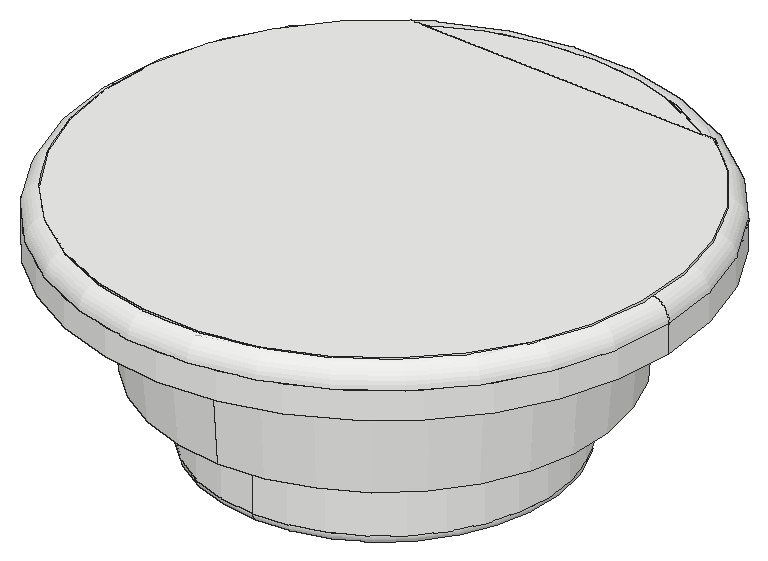
Revit family "Electronics_Commercial-Loudspeakers_Two-Way-Marine-Speaker_CMAR6-W", category Communication Devices, host Face, Revit 2020
Family settings
  Host = Face
  Maintain Annotation Orientation = No
  Round Connector Dimension = Use Diameter
  Part Type = Normal
  OmniClass Number = 23.85.10.11.14.14.14
  OmniClass Title = Loudspeakers
  Cut with Voids When Loaded = No
  Shared = No
  Room Calculation Point = No
Parameters (values of type "CMAR6-W")
  Grill Material = Biamp - Plastic - White(Grid)
  Frequency response in Hz = "78 - 20K"  # constant formula
  Woofer size in inch = "6.5"  # constant formula
  Vertical dispersion angle 1000 Hz = "180°"  # constant formula
  Tweeter size in inch = "1 inch"  # constant formula
  SPL 1W/1m in dB = "89"  # constant formula
  Max SPL 1m in dB = "104"  # constant formula
  Woofer cone material = "Polypropylene"  # constant formula
  Weight = 2.20462 lbf  # constant formula
  URL = "https://www.biamp.com/"
  Product data url = "https://bimobject.com/biamp/product/cmar6-w_commercial-loudspeakers-ceiling"
  Product Page URL = "https://www.biamp.com/products/product-families/commercial-loudspeakers/ceiling-loudspeakers#cmar6-w"
  Product Documentation Link = "https://downloads.biamp.com/assets/docs/default-source/data-sheets/biamp_data_sheet_cmar6-w_aug20.pdf"
  Mounting system = "4 screws"  # constant formula
  Model = "CMAR6-W"  # constant formula
  Manufacturer = "Biamp"  # constant formula
  Main construction material = "ABS plastic"  # constant formula
  Low impedance dynamic power in watts = "60"  # constant formula
  Low impedance RMS power in watts = "30"  # constant formula
  Loudspeaker system = "2-way"  # constant formula
  Installation grip range in mm = "1 - up"  # constant formula
  Impedance in ohms = "8"  # constant formula
  IP rating = "65"  # constant formula
  Housing Material = Biamp - Plastic - White
  Grille main material = "Stainless steel"  # constant formula
  Diameter = 0' - 7.48031"  # constant formula
  Description = "CMAR6-W 6 Two-Way Built-in Marine Speaker 8 ohms/60W"  # constant formula
  Depth = 0' - 2.40157"  # constant formula
  Default Elevation = 4' - 0"
  Cutout in mm = "151"  # constant formula
  Connector Description = "Terminal strip; Low impedance 8 ohms/60W"  # constant formula
  Colour = "White"  # constant formula
  Closest RAL colour (subject to deviations) = "RAL9003"  # constant formula
  Applicable low impedance = "Yes"  # constant formula
Reference planes (in)
  plane 1 "Center (Front/Back)": y = 0
  plane 2: z = 0
  plane 3 "Center (Left/Right)": x = 0
Forms (in)
  Extrusion 1, solid, material "Biamp - Plastic - White" <- "Housing Material", detail levels coarse
    sketch origin (0, 0, 0) x (1, 0, 0) y (0, 1, 0)
      loop
        circle (0, 0) r 2.85433
    from -2.3622 to 0
  Extrusion 2, void
    sketch origin (0, 0, 0) x (1, 0, 0) y (0, 1, 0)
      loop
        circle (0, 0) r 2.85433
    from -2.3622 to 0
  Revolve 3, solid, material "Biamp - Plastic - White" <- "Housing Material", detail levels coarse
    sketch origin (0, 0, 0) x (1, 0, 0) y (0, 0, 1)
      loop
        line (0, 0) -> (0, 0.62992) -> (-3.45857, 0.62992)
        arc (-3.45857, 0.62992) -> (-3.65768, 0.54745) -> (-3.74016, 0.34834) r 0.28159
        line (-3.74016, 0.34834) -> (-3.74016, 0) -> (0, 0)
      axis (0, 0) -> (0, 0.62992)
    angle from 0 to 360
  Revolve 4, solid, material "Biamp - Plastic - White" <- "Housing Material", detail levels medium+fine
    sketch origin (0, 0, 0) x (1, 0, 0) y (0, 0, 1)
      loop
        line (0, 0) -> (0, 0.62992) -> (-3.45857, 0.62992)
        arc (-3.45857, 0.62992) -> (-3.65768, 0.54745) -> (-3.74016, 0.34834) r 0.28159
        line (-3.74016, 0.34834) -> (-3.74016, 0) -> (0, 0)
      axis (0, 0) -> (0, 0.62992)
    angle from 0 to 360
  Extrusion 5, void
    sketch origin (0, 0, 0) x (1, 0, 0) y (0, 1, 0)
      loop
        arc (-1.99504, 2.92828) -> (0, -3.54331) -> (1.99504, 2.92828) r 3.54331
        line (1.99504, 2.92828) -> (-1.99504, 2.92828)
    from 0.56493 to 0.62992
  Extrusion 6, solid, material "Biamp - Plastic - White(Grid)" <- "Grill Material", detail levels medium+fine
    sketch origin (0, 0, 0) x (1, 0, 0) y (0, 1, 0)
      loop
        line (1.99504, 2.92828) -> (-1.99504, 2.92828)
        arc (-1.99504, 2.92828) -> (0, -3.54331) -> (1.99504, 2.92828) r 3.54331
    from 0.56493 to 0.62992
  Revolve 7, solid, material "Biamp - Plastic - White" <- "Housing Material", detail levels medium+fine
    sketch origin (0, 0, 0) x (0, 1, 0) y (0, 0, 1)
      loop
        line (0, 0) -> (-2.85433, 0) -> (-2.73072, -1.41283) -> (-2.16084, -1.41283) -> (-2.16084, -2.24792)
        arc (-2.16084, -2.24792) -> (-2.12737, -2.32873) -> (-2.04656, -2.3622) r 0.11428
        line (-2.04656, -2.3622) -> (0, -2.3622) -> (0, 0)
      axis (0, 0) -> (0, -2.3622)
    angle from 0 to 360
  Extrusion 8, void
    sketch origin (0, 0.24606, 0) x (1, 0, 0) y (0, 1, 0)
      loop
        circle (0, -0.93002) r 0.59055
    from -2.76733 to -2.31363
Cuts and joins
  Extrusion 5, Extrusion 8 cuts Extrusion 1
  Extrusion 5, Extrusion 8 cuts Revolve 4
  Extrusion 8 cuts Revolve 3
  Extrusion 8 cuts Extrusion 6
  Extrusion 8 cuts Revolve 7
Lines and regions (in)
  Masking region 1
    outline origin (0, 0, 0) x (1, 0, 0) y (0, 1, 0)
      loop
        circle (0, 0) r 3.74016
  Masking region 2
    outline origin (0, 0, 0) x (1, 0, 0) y (0, 1, 0)
      loop
        line (1.99504, 2.92828) -> (-1.99504, 2.92828)
        arc (-1.99504, 2.92828) -> (0, -3.54331) -> (1.99504, 2.92828) r 3.54331
  Masking region 3
    outline origin (0, 0, 0) x (1, 0, 0) y (0, 0, 1)
      loop
        line (-2.85875, 0) -> (-2.85875, -2.3622) -> (2.84992, -2.3622) -> (2.84992, 0) -> (-2.85875, 0)
  Masking region 4
    outline origin (0, 0, 0) x (1, 0, 0) y (0, 0, 1)
      loop
        line (-3.74338, 0) -> (3.74271, 0) -> (3.74271, 0.35011)
        arc (3.74271, 0.35011) -> (3.66075, 0.54797) -> (3.46289, 0.62992) r 0.27982
        line (3.46289, 0.62992) -> (-3.46357, 0.62992)
        arc (-3.46357, 0.62992) -> (-3.66143, 0.54797) -> (-3.74338, 0.35011) r 0.27982
        line (-3.74338, 0.35011) -> (-3.74338, 0)
Dimensions and locks (in)
  aligned and locked: plane 2 to host face
  aligned and locked: level to host face
Connectors (in)
  electrical at (0, -0.68396, -2.31363), driven by "Connector Description"
    settings: on cut or joined group of Extrusion 1, Extrusion 5, Extrusion 8, index 1, voltage 0 V, apparent load 0 VA, apparent load phase1 0 VA, apparent load phase2 0 VA, apparent load phase3 0 VA, power factor 1, load classification "Other", number of poles 1, system type 5, power factor state 1, is connector primary yes, connector utility no, sub classification motor no, connector description "Terminal strip; Low impedance 8 ohms/60W"
